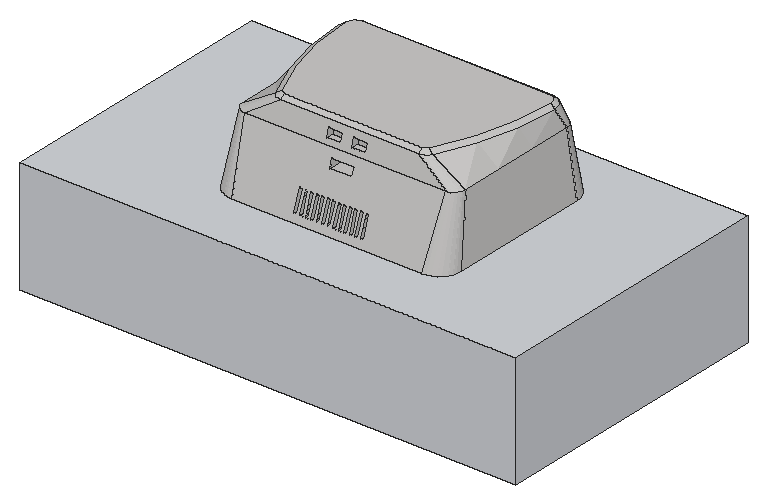
Revit family
Parameters
  Warranty Duration (Years) = 0
  Voltage Range = "as Specified"
  Unit Width = 0' - 1 15/16"
  Unit Height = 0' - 1 15/16"
  Unit Depth = 0' - 2 3/8"
  URL = "http://www.americanspecialties.com/viewCategories.cfm"
  Sound Pressure = "as Specified"
  Mounting Height [instance] = 2' - 4 5/8"
  Fixture Material = Metal - Stainless Steel - Bright
  Test Data = ""
  Specification = "http://www.arcat.com/sdspecs/htm/10810asi.htm"
  SpecWizard = ""
  Send Message = "http://www.arcat.com/users.pl?action=UserEmail&company=American%20Specialties,%20Inc.&coid=30448&rep=139&fax=914-476-0688&mf="
  Sales Information = "http://www.americanspecialties.com/contact"
  Revision = "R1_07-2013"
  Product Properties = ""
  Product Data = "http://www.arcat.com/arcatcos/cos30/arc30448.html"
  Model = "7308"
  Manufacturer Website = "http://www.americanspecialties.com/viewCategories.cfm"
  Manufacturer Phone - Toll Free = ""
  Manufacturer Phone = "914-476-9000 "
  Manufacturer Fax = "914-476-0688"
  Manufacturer Address = "441 Saw Mill River Rd., Yonkers, NY 10701"
  Manufacturer = "American Specialties, Inc."
  Maintenance Schedule (Months) = 0
  Keynote = "10 28 13"
  Installation-Fabrication = "http://www.americanspecialties.com/products.cfm"
  Green Building-LEED = ""
  Expected Lifespan (Years) = 0
  Electrical_Wattage = 0 W
  Electrical_Voltage = 0 V
  Electrical_Phase = 1
  Electrical_Amperage = 0 A
  Drying Time = "as Specified"
  Drawn By = "Sumex Design, Inc. / Robert S. Weygant. CSI, CDT, SCIP"
  Description = "ASI 7308 Omara Collection Single Robe Hook"
  Default Elevation = 0' - 0"
  Copyright = "©Arcat Inc."
  Construction Details = "http://www.arcat.com/green/clients/leed_data_30448.html"
  Building Codes = "http://www.americanspecialties.com/products.cfm"
  Assembly Code = "C1030210"
  Air Temperature = "as Specified"
  Air Output = "as Specified"
Reference planes (in)
  plane 1 "Floor Line": z = 0
  plane 2 "Center (Left/Right)": x = 14.06032
  plane 3: x = 8.75563
  plane 4: x = 19.365
  plane 5 "FF": y = -56.93904
  plane 6 "ADA Mount Line": y = -28.31404
  plane 7: y = -29.03279
  plane 8: y = -20.56404
Forms (in)
  Extrusion 1, solid
    sketch origin (-2.65843, -11.79112, -6) x (0, 0, -1) y (1, 0, 0)
      loop
        line (-0.85811, 27.39891) -> (-6, 27.39891) -> (-6, 4.96875) -> (-0.85811, 4.96875) -> (-0.85811, 27.39891)
    from 6.80694 to 19.89792
  Blend 2, solid, material "Metal - Stainless Steel - Bright" <- "Fixture Material"
    base sketch origin (0, 0, 0) x (1, 0, 0) y (0, 1, 0)
      loop
        arc (9.75563, -20.56404) -> (9.04852, -20.85693) -> (8.75563, -21.56404) r 1
        line (8.75563, -21.56404) -> (8.75563, -28.03279)
        arc (8.75563, -28.03279) -> (9.04852, -28.73989) -> (9.75563, -29.03279) r 1
        line (9.75563, -29.03279) -> (18.365, -29.03279)
        arc (18.365, -29.03279) -> (19.07211, -28.73989) -> (19.365, -28.03279) r 1
        line (19.365, -28.03279) -> (19.365, -21.56404)
        arc (19.365, -21.56404) -> (19.07211, -20.85693) -> (18.365, -20.56404) r 1
        line (18.365, -20.56404) -> (9.75563, -20.56404)
    top sketch origin (0, 0, 0) x (1, 0, 0) y (0, 1, 0)
      loop
        arc (19.09439, -21.77783) -> (18.94794, -21.42428) -> (18.59439, -21.27783) r 0.5
        line (18.59439, -21.27783) -> (9.52624, -21.27783)
        arc (9.52624, -21.27783) -> (9.17269, -21.42428) -> (9.02624, -21.77783) r 0.5
        line (9.02624, -21.77783) -> (9.02624, -27.48747)
        arc (9.02624, -27.48747) -> (9.17269, -27.84102) -> (9.52624, -27.98747) r 0.5
        line (9.52624, -27.98747) -> (18.59439, -27.98747)
        arc (18.59439, -27.98747) -> (18.94794, -27.84102) -> (19.09439, -27.48747) r 0.5
        line (19.09439, -27.48747) -> (19.09439, -21.77783)
    from 0 to 2.95118
  Blend 3, solid, material "Metal - Stainless Steel - Bright" <- "Fixture Material"
    base sketch origin (28.12063, 0, 0) x (-1, 0, 0) y (0, -1, 0)
      loop
        arc (19.09439, 27.48747) -> (18.94794, 27.84102) -> (18.59439, 27.98747) r 0.5
        line (18.59439, 27.98747) -> (14.06032, 27.98747) -> (14.06032, 21.27783) -> (18.59439, 21.27783)
        arc (18.59439, 21.27783) -> (18.94794, 21.42428) -> (19.09439, 21.77783) r 0.5
        line (19.09439, 21.77783) -> (19.09439, 27.48747)
    top sketch origin (28.12063, 0, 0) x (-1, 0, 0) y (0, -1, 0)
      loop
        line (14.06032, 27.74503) -> (14.06032, 21.49503) -> (18.18451, 21.49503)
        arc (18.18451, 21.49503) -> (18.71791, 21.71778) -> (18.93446, 22.25372) r 0.75
        arc (18.93446, 22.25372) -> (18.58465, 24.94333) -> (17.61693, 27.47707) r 11.54378
        arc (17.61693, 27.47707) -> (17.43286, 27.67283) -> (17.17403, 27.74503) r 0.5
        line (17.17403, 27.74503) -> (14.06032, 27.74503)
    from 2.95118 to 3.84717
  Blend 4, solid, material "Metal - Stainless Steel - Bright" <- "Fixture Material"
    base sketch origin (0, 0, 0) x (1, 0, 0) y (0, 1, 0)
      loop
        line (14.06032, -27.74503) -> (17.17403, -27.74503)
        arc (17.17403, -27.74503) -> (17.43286, -27.67283) -> (17.61693, -27.47707) r 0.5
        arc (17.61693, -27.47707) -> (18.58465, -24.94333) -> (18.93446, -22.25372) r 11.54378
        arc (18.93446, -22.25372) -> (18.71791, -21.71778) -> (18.18451, -21.49503) r 0.75
        line (18.18451, -21.49503) -> (14.06032, -21.49503) -> (14.06032, -27.74503)
    top sketch origin (0, 0, 0) x (1, 0, 0) y (0, 1, 0)
      loop
        line (14.06032, -21.74503) -> (14.06032, -27.49503) -> (17.17403, -27.49503)
        arc (17.17403, -27.49503) -> (17.30344, -27.45893) -> (17.39548, -27.36105) r 0.25
        arc (17.39548, -27.36105) -> (18.35806, -24.81869) -> (18.68524, -22.11996) r 11.29378
        arc (18.68524, -22.11996) -> (18.57543, -21.85485) -> (18.31032, -21.74503) r 0.37492
        line (18.31032, -21.74503) -> (14.06032, -21.74503)
    from 3.84717 to 4
  Blend 5, solid, material "Metal - Stainless Steel - Bright" <- "Fixture Material"
    base sketch origin (0, 0, 0) x (1, 0, 0) y (0, 1, 0)
      loop
        line (19.09439, -27.48747) -> (19.09439, -21.77783)
        arc (19.09439, -21.77783) -> (18.94794, -21.42428) -> (18.59439, -21.27783) r 0.5
        line (18.59439, -21.27783) -> (14.06032, -21.27783) -> (14.06032, -27.98747) -> (18.59439, -27.98747)
        arc (18.59439, -27.98747) -> (18.94794, -27.84102) -> (19.09439, -27.48747) r 0.5
    top sketch origin (0, 0, 0) x (1, 0, 0) y (0, 1, 0)
      loop
        line (14.06032, -27.74503) -> (17.17403, -27.74503)
        arc (17.17403, -27.74503) -> (17.43286, -27.67283) -> (17.61693, -27.47707) r 0.5
        arc (17.61693, -27.47707) -> (18.58465, -24.94333) -> (18.93446, -22.25372) r 11.54378
        arc (18.93446, -22.25372) -> (18.71791, -21.71778) -> (18.18451, -21.49503) r 0.75
        line (18.18451, -21.49503) -> (14.06032, -21.49503) -> (14.06032, -27.74503)
    from 2.95118 to 3.84717
  Blend 6, solid, material "Metal - Stainless Steel - Bright" <- "Fixture Material"
    base sketch origin (28.12063, 0, 0) x (-1, 0, 0) y (0, -1, 0)
      loop
        line (14.06032, 27.74503) -> (14.06032, 21.49503) -> (18.18451, 21.49503)
        arc (18.18451, 21.49503) -> (18.71791, 21.71778) -> (18.93446, 22.25372) r 0.75
        arc (18.93446, 22.25372) -> (18.58465, 24.94333) -> (17.61693, 27.47707) r 11.54378
        arc (17.61693, 27.47707) -> (17.43286, 27.67283) -> (17.17403, 27.74503) r 0.5
        line (17.17403, 27.74503) -> (14.06032, 27.74503)
    top sketch origin (28.12063, 0, 0) x (-1, 0, 0) y (0, -1, 0)
      loop
        line (14.06032, 21.74503) -> (18.31032, 21.74503)
        arc (18.31032, 21.74503) -> (18.57543, 21.85485) -> (18.68524, 22.11996) r 0.37492
        arc (18.68524, 22.11996) -> (18.35806, 24.81869) -> (17.39548, 27.36105) r 11.29378
        arc (17.39548, 27.36105) -> (17.30344, 27.45893) -> (17.17403, 27.49503) r 0.25
        line (17.17403, 27.49503) -> (14.06032, 27.49503) -> (14.06032, 21.74503)
    from 3.84717 to 4
  Extrusion 7, void
    sketch origin (-9.51181, -28.31404, 48) x (-1, 0, 0) y (0, 0, 1)
      loop
        line (-22.68667, -44.43544) -> (-23.31087, -44.43544) -> (-23.31087, -44.80996) -> (-22.68667, -44.80996) -> (-22.68667, -44.43544)
      loop
        line (-24.45757, -44.43544) -> (-24.45757, -44.80996) -> (-23.83338, -44.80996) -> (-23.83338, -44.43544) -> (-24.45757, -44.43544)
      loop
        line (-23.06087, -45.40319) -> (-24.08338, -45.40319) -> (-24.08338, -45.78625) -> (-23.06087, -45.78625) -> (-23.06087, -45.40319)
      loop
        line (-23.50962, -46.76629) -> (-23.63462, -46.76629) -> (-23.63462, -47.67254) -> (-23.50962, -47.67254) -> (-23.50962, -46.76629)
      loop
        line (-23.75962, -46.76629) -> (-23.88462, -46.76629) -> (-23.88462, -47.67254) -> (-23.75962, -47.67254) -> (-23.75962, -46.76629)
      loop
        line (-24.00962, -46.76629) -> (-24.13462, -46.76629) -> (-24.13462, -47.67254) -> (-24.00962, -47.67254) -> (-24.00962, -46.76629)
      loop
        line (-24.25962, -46.76629) -> (-24.38462, -46.76629) -> (-24.38462, -47.67254) -> (-24.25962, -47.67254) -> (-24.25962, -46.76629)
      loop
        line (-24.50962, -46.76629) -> (-24.63462, -46.76629) -> (-24.63462, -47.67254) -> (-24.50962, -47.67254) -> (-24.50962, -46.76629)
      loop
        line (-24.75962, -46.76629) -> (-24.88462, -46.76629) -> (-24.88462, -47.67254) -> (-24.75962, -47.67254) -> (-24.75962, -46.76629)
      loop
        line (-25.00962, -46.76629) -> (-25.13462, -46.76629) -> (-25.13462, -47.67254) -> (-25.00962, -47.67254) -> (-25.00962, -46.76629)
      loop
        line (-23.38462, -46.76629) -> (-23.38462, -47.67254) -> (-23.25962, -47.67254) -> (-23.25962, -46.76629) -> (-23.38462, -46.76629)
      loop
        line (-23.13462, -46.76629) -> (-23.13462, -47.67254) -> (-23.00962, -47.67254) -> (-23.00962, -46.76629) -> (-23.13462, -46.76629)
      loop
        line (-22.88462, -46.76629) -> (-22.88462, -47.67254) -> (-22.75962, -47.67254) -> (-22.75962, -46.76629) -> (-22.88462, -46.76629)
      loop
        line (-22.63462, -46.76629) -> (-22.63462, -47.67254) -> (-22.50962, -47.67254) -> (-22.50962, -46.76629) -> (-22.63462, -46.76629)
      loop
        line (-22.38462, -46.76629) -> (-22.38462, -47.67254) -> (-22.25962, -47.67254) -> (-22.25962, -46.76629) -> (-22.38462, -46.76629)
      loop
        line (-22.13462, -46.76629) -> (-22.13462, -47.67254) -> (-22.00962, -47.67254) -> (-22.00962, -46.76629) -> (-22.13462, -46.76629)
    from -1.23753 to 0.71598
Cuts and joins
  Extrusion 7 cuts Blend 2
  Extrusion 7 cuts Blend 3
  Extrusion 7 cuts Blend 4
  Extrusion 7 cuts Blend 5
  Extrusion 7 cuts Blend 6
  joined: Blend 2, Blend 3, Blend 4, Blend 5, Blend 6
Dimensions and locks (in)
  "Mounting Height": plane 5 "FF" to plane 6 "ADA Mount Line"
  equal spacing: plane 3, plane 2 "Center (Left/Right)", plane 4
  plane 3 to plane 4 = 0' - 10 39/64"
  locked: plane 8 to plane 7 at 8.46875
  locked: plane 7 to plane 6 "ADA Mount Line" at 0.71875
Automatic sketch dimensions
  Extrusion 1 sketch curve to Extrusion 1 sketch curve = 0' - 5.14189"
  Extrusion 1 sketch curve to Extrusion 1 sketch curve = 1' - 10.43016"
  Blend 2 sketch curve to plane 3 = 0' - 0"
  Blend 2 sketch curve to plane 7 = 0' - 0"
  Blend 2 sketch curve to plane 8 = 0' - 0"
  Blend 2 sketch curve to plane 4 = 0' - 0"
  plane 3 to Blend 2 sketch curve = 0' - 1"
  Blend 2 sketch curve to Blend 2 sketch curve = 0' - 1"
  Blend 2 sketch curve to plane 4 = 0' - 1"  (x2)
  plane 3 to Blend 2 sketch curve = 0' - 0.27061"
  Blend 2 sketch curve to Blend 2 sketch curve = 0' - 0 1/2"  (x2)
  Blend 2 sketch curve to plane 6 "ADA Mount Line" = 0' - 0.32657"
  Blend 2 sketch curve to plane 4 = 0' - 0.77061"  (x2)
  Blend 2 sketch curve to plane 4 = 0' - 0.27061"
  Blend 2 sketch curve to plane 8 = 0' - 1.21379"
  Blend 3 sketch curve to plane 2 "Center (Left/Right)" = 0' - 0"  (x2)
  Blend 3 sketch curve to plane 3 = 0' - 0.77061"  (x2)
  Blend 3 sketch curve to plane 3 = 0' - 0.27061"
  plane 6 "ADA Mount Line" to Blend 3 sketch curve = 0' - 0.32657"
  plane 8 to Blend 3 sketch curve = 0' - 1.21379"
  Blend 3 sketch curve to plane 4 = 0' - 1.36417"
  plane 6 "ADA Mount Line" to Blend 3 sketch curve = 0' - 1.069"
  Blend 3 sketch curve to plane 3 = 0' - 2.19097"
  Blend 3 sketch curve to Blend 3 sketch curve = 0' - 0.4429"
  Blend 3 sketch curve to Blend 3 sketch curve = 0' - 0"  (x2)
  Blend 3 sketch curve to plane 3 = 0' - 1.18049"
  Blend 3 sketch curve to plane 3 = 0' - 0.43054"
  Blend 3 sketch curve to Blend 3 sketch curve = 0' - 0.23203"
  Blend 4 sketch curve to plane 2 "Center (Left/Right)" = 0' - 0"  (x2)
  Blend 4 sketch curve to plane 3 = 0' - 1.36417"  (x2)
  Blend 4 sketch curve to plane 6 "ADA Mount Line" = 0' - 1.069"
  Blend 4 sketch curve to plane 4 = 0' - 2.19097"  (x2)
  Blend 4 sketch curve to Blend 4 sketch curve = 0' - 0.4429"
  Blend 4 sketch curve to Blend 4 sketch curve = 0' - 0"  (x4)
  Blend 4 sketch curve to plane 4 = 0' - 1.18049"
  Blend 4 sketch curve to plane 4 = 0' - 0.43054"
  Blend 4 sketch curve to Blend 4 sketch curve = 0' - 0.23203"
  Blend 4 sketch curve to plane 6 "ADA Mount Line" = 0' - 0.819"
  Blend 4 sketch curve to Blend 4 sketch curve = 0' - 0.22145"
  Blend 4 sketch curve to plane 4 = 0' - 1 7/128"
  Blend 4 sketch curve to Blend 4 sketch curve = 0' - 0.37492"
  Blend 5 sketch curve to plane 2 "Center (Left/Right)" = 0' - 0"  (x2)
  Blend 5 sketch curve to plane 4 = 0' - 0.77061"  (x2)
  Blend 5 sketch curve to plane 4 = 0' - 0.27061"
  Blend 5 sketch curve to plane 6 "ADA Mount Line" = 0' - 0.32657"
  Blend 5 sketch curve to plane 8 = 0' - 1.21379"
  Blend 5 sketch curve to plane 3 = 0' - 1.36417"
  Blend 5 sketch curve to plane 6 "ADA Mount Line" = 0' - 1.069"
  Blend 5 sketch curve to plane 4 = 0' - 2.19097"
  Blend 5 sketch curve to Blend 5 sketch curve = 0' - 0.4429"
  Blend 5 sketch curve to Blend 5 sketch curve = 0' - 0"  (x2)
  Blend 5 sketch curve to plane 4 = 0' - 1.18049"
  Blend 5 sketch curve to plane 4 = 0' - 0.43054"
  Blend 5 sketch curve to Blend 5 sketch curve = 0' - 0.23203"
  Blend 6 sketch curve to plane 2 "Center (Left/Right)" = 0' - 0"  (x2)
  Blend 6 sketch curve to plane 4 = 0' - 1.36417"  (x2)
  plane 6 "ADA Mount Line" to Blend 6 sketch curve = 0' - 1.069"
  Blend 6 sketch curve to plane 3 = 0' - 2.19097"  (x2)
  Blend 6 sketch curve to Blend 6 sketch curve = 0' - 0.4429"
  Blend 6 sketch curve to Blend 6 sketch curve = 0' - 0"  (x4)
  Blend 6 sketch curve to plane 3 = 0' - 1.18049"
  Blend 6 sketch curve to plane 3 = 0' - 0.43054"
  Blend 6 sketch curve to Blend 6 sketch curve = 0' - 0.23203"
  plane 6 "ADA Mount Line" to Blend 6 sketch curve = 0' - 0.819"
  Blend 6 sketch curve to Blend 6 sketch curve = 0' - 0.22145"
  Blend 6 sketch curve to plane 3 = 0' - 1 7/128"
  Blend 6 sketch curve to Blend 6 sketch curve = 0' - 0.37492"
  Extrusion 7 sketch curve to plane 2 "Center (Left/Right)" = 0' - 1 9/16"
  Extrusion 7 sketch curve to Extrusion 7 sketch curve = 0' - 0 1/8"  (x23)
  Extrusion 7 sketch curve to plane 2 "Center (Left/Right)" = 0' - 0.88545"
  Extrusion 7 sketch curve to plane 2 "Center (Left/Right)" = 0' - 0.51126"
  Extrusion 7 sketch curve to plane 2 "Center (Left/Right)" = 0' - 0.26126"
  Extrusion 7 sketch curve to plane 2 "Center (Left/Right)" = 0' - 0 1/16"
  plane 2 "Center (Left/Right)" to Extrusion 7 sketch curve = 0' - 0 1/16"
  plane 2 "Center (Left/Right)" to Extrusion 7 sketch curve = 0' - 0.26126"
  plane 2 "Center (Left/Right)" to Extrusion 7 sketch curve = 0' - 0.51126"
  Extrusion 7 sketch curve to Extrusion 7 sketch curve = 0' - 0.6242"
  level to Extrusion 7 sketch curve = 0' - 0.32746"  (x3)
  Extrusion 7 sketch curve to Extrusion 7 sketch curve = 0' - 0"  (x23)
  Extrusion 7 sketch curve to Extrusion 7 sketch curve = 0' - 0 29/32"
  Extrusion 7 sketch curve to Extrusion 7 sketch curve = 0' - 0.98004"
  Extrusion 7 sketch curve to Extrusion 7 sketch curve = 0' - 0.38306"
  Extrusion 7 sketch curve to Extrusion 7 sketch curve = 0' - 0.59323"
  Extrusion 7 sketch curve to Extrusion 7 sketch curve = 0' - 0.37452"  (x2)
Connectors (in)
  electrical at (14.06032, -24.79841, 0), driven by "Electrical_Voltage", driven by "Electrical_Phase"
    settings: on cut or joined group of Blend 2, Blend 3, Blend 4, Blend 5, Blend 6, Extrusion 7, index 1, voltage 0 V, apparent load 0 VA, apparent load phase1 0 VA, apparent load phase2 0 VA, apparent load phase3 0 VA, power factor 1, load classification "Other", number of poles 1, system type 31, power factor state 1, is connector primary yes, connector utility no, sub classification motor no, connector description ""
